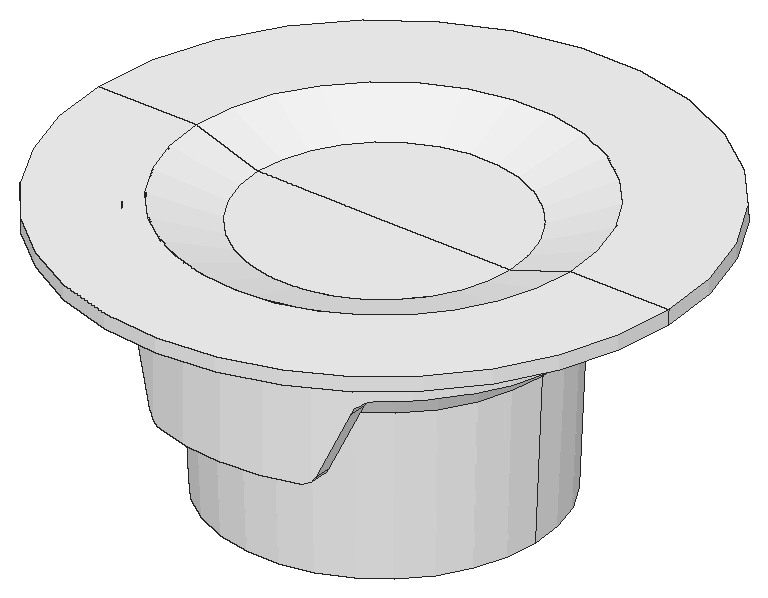
Revit family "0053586 Feilo Sylvania Lighting Fixture START SPOT LED DIM 3000K IP65 G2", category Lighting Fixtures, host Face, Revit 2017
Family settings
  Host = Face
  Round Connector Dimension = Use Diameter
  Part Type = Normal
  OmniClass Number = 23.80.70.00
  OmniClass Title = Lighting
  Cut with Voids When Loaded = No
  Light Source = Yes
  Shared = No
  Room Calculation Point = No
Parameters (values of type "0053586 START SPOT LED DIM 3000K IP65 G2")
  Weight = "3.648 kg"
  Wattage Comments = ""
  Wattage = 7 W
  WarrantyStartDate [instance] = "n/a"
  WarrantyGuarantorParts = "n/a"
  WarrantyDurationUnit = "n/a"
  WarrantyDurationParts = "n/a"
  WarrantyDescription = "n/a"
  built-in parameter 1150110 = 1 (stored number, unit not read)
  Voltage = 230 V
  VisibilityTop_FEILO = no
  URL = "http://www.sylvania-lighting.com"
  TypeName = "START SPOT LED DIM 3000K IP65 G2"
  Type Image = <None>
  Type Comments = "n/a"
  built-in parameter 1114217 = 1 (stored number, unit not read)
  Tilt Angle = -90.00°
  built-in parameter 1150109 = 1 (stored number, unit not read)
  built-in parameter 1150134 = (empty or 0)
  built-in parameter 1150113 = 1 (stored number, unit not read)
  SerialNumber [instance] = "n/a"
  RadiusOptics_FEILO = 98.5 mm
  RadiusDiffuser_FEILO = 19 mm
  RadiusCutout_FEILO = 36 mm
  Photometric Web File = "0053586.ies"
  Material_3_FEILO = none
  PowerFactor = 0
  PowerConsumption = "7 W"
  NominalLength = 41 mm
  NominalHeight = 41 mm
  NominalDepth = 86 mm
  Name = "START SPOT LED DIM 3000K IP65 G2"
  ModelReference = Name  # "START SPOT LED DIM 3000K IP65 G2"
  ModelNumber = "0053586"
  Model = Name  # "START SPOT LED DIM 3000K IP65 G2"
  Material = "n/a"
  ManufacturerName = "Feilo Sylvania"
  Manufacturer = "Feilo Sylvania"
  LuminousEfficacy = "77.14 lm/W"
  built-in parameter 1150105 = 42.972 (stored number, unit not read)
  Lumens = 540 lm
  LuminaireType = ""
  built-in parameter 1150115 = 1 (stored number, unit not read)
  LightOutputRatio = "n/a"
  built-in parameter 1150137 = (empty or 0)
  built-in parameter 1150139 = (empty or 0)
  LampsType = Lamp  # "LED"
  LampNominalLuminous = "540 lm"
  LampMacAdamStep = "n/a"
  LampColourTemperature = "3000 K"
  LampColourRenderingIndex = "80"
  built-in parameter 1150112 = 1 (stored number, unit not read)
  built-in parameter 1150114 = 1 (stored number, unit not read)
  Lamp = "LED"
  Keynote = "16500"
  InstallationDate [instance] = "n/a"
  InputVoltage = "220-240V~"
  InputNominalFrequency = "50/60 Hz"
  built-in parameter 1150132 = (empty or 0)
  built-in parameter 1150102 = (empty or 0)
  built-in parameter 1150107 = 3000 (stored number, unit not read)
  built-in parameter 1150138 = (empty or 0)
  IngressProtection = "IP65"
  ImpactProtectionIndex = "IK03"
  built-in parameter 1150106 = 0.42972 (stored number, unit not read)
  IfcExportType = "IfcLightFixtureType"
  IfcExportAs = "IfcLightFixtureType"
  HeightBezel_FEILO = 2 mm
  ExpectedLife = 50000
  Emit from Circle Diameter = 38 mm
  Emit Shape Visible in Rendering = no
  ElectricShockClassification = "Class II"
  built-in parameter 1150104 = 7.1668 (stored number, unit not read)
  DurationUnit = "hours"
  DocumentationLiterature = "http://www.sylvania-lighting.com/product/en-int/products/0053586"
  DimmingControlOptions = "n/a"
  Material_2_FEILO = LED-Sylvania-StartSpot
  Dimming Lamp Color Temperature Shift = <None>
  DiameterBezel_FEILO = 86 mm
  Description = "Integrated dimmable LED IP65 fixed downlight, RAL9016, 540LM, 7W, 3000K, 100 degree beam angle, polycarbonate white body, low profile 41mm recessed depth, 86mm bezel diameter, 65-74mm cutout, frosted lens."
  DepthDiffuser_FEILO = 3 mm
  Default Elevation = 1219.2 mm
  CreatedOn = "2/14/2018"
  CreatedBy = ""
  Cost = 0
  Color Filter = 16777215
  built-in parameter 1114216 [instance] = (empty or 0)
  ClassificationValue = "EF_70_80"
  ClassificationName = "Uniclass2015"
  Material_1_FEILO = Body-Sylvania-StartSpot-White
  BarCode [instance] = "n/a"
  built-in parameter 1114218 = 1 (stored number, unit not read)
  built-in parameter 1150133 = 10 (stored number, unit not read)
  AssetType = "Fixed"
  AssetIdentifier [instance] = "n/a"
  Assembly Code = "D5020200"
  Apparent Load = 7 VA
  Material_4_FEILO = none
Reference planes
  plane 1 "Center (Front/Back)": y = 0
  plane 2: z = 0
  plane 3 "Center (Left/Right)": x = 0
  plane 4: x = -43
  plane 5: x = 43
  plane 6: z = 2
  plane 7: z = -8
  plane 8: z = -10
  plane 9: z = -13.5
  plane 10: z = -36.5
  plane 11: z = -55
  plane 12: z = -67.625
  plane 13: x = -19
  plane 14: x = -21.5
  plane 15: x = -24
  plane 16: x = -26
  plane 17: x = -31
  plane 18: x = -17
  plane 19: z = -20
  plane 20: z = -1
  plane 21: x = -19
  plane 22: x = -29
  plane 23: x = -23
  plane 24: x = -27.2
  plane 25: x = -26
  plane 26: z = 1
  plane 27: z = 0
  plane 28: x = -12
  plane 29: y = 43
  plane 30: y = 43
  plane 31: y = -43
  plane 32: x = 31
  plane 33: x = 12
  plane 34: x = 17
  plane 35: z = -7
  plane 36: x = -36
  plane 37: x = -28.2
  plane 38: z = -57
Forms (mm)
  Revolve 1, solid, material "Body-Sylvania-StartSpot-White" <- "Material_1_FEILO"
    sketch origin (0, 0, 0) x (1, 0, 0) y (0, 0, 1)
      loop
        line (-28.2, 2) -> (-43, 2) -> (-43, 0) -> (-31, 0) -> (-31, -20) -> (-29, -20) -> (-29, -7) -> (0, -7) -> (0, -1) -> (-19, -1) -> (-28.2, 2)
      axis (0, 2) -> (0, -20)
    angle from 360 to 0
  Extrusion 2, void
    sketch origin (0, 0, 0) x (1, 0, 0) y (0, 0, 1)
      loop
        line (-31, -8) -> (-31, -20) -> (-10.333, -20)
        arc (-10.333, -20) -> (-11.72, -19.58) -> (-12.641, -18.462) r 2.5
        line (-12.641, -18.462) -> (-16.231, -9.846)
        arc (-16.231, -9.846) -> (-17.336, -8.504) -> (-19, -8) r 3
        line (-19, -8) -> (-31, -8)
      loop
        line (31, -8) -> (19, -8)
        arc (19, -8) -> (17.336, -8.504) -> (16.231, -9.846) r 3
        line (16.231, -9.846) -> (12.513, -18.769)
        arc (12.513, -18.769) -> (11.776, -19.664) -> (10.667, -20) r 2
        line (10.667, -20) -> (31, -20) -> (31, -8)
    from -43 to 43
  Revolve 3, void
    sketch origin (0, 0, 0) x (1, 0, 0) y (0, 0, 1)
      loop
        line (-36, 0) -> (-36, -67.625) -> (0, -67.625) -> (0, 0) -> (-36, 0)
      axis (0, 0) -> (0, -67.625)
    angle from 360 to 0
  Revolve 4, solid, material "Body-Sylvania-StartSpot-White" <- "Material_1_FEILO"
    sketch origin (0, 0, 0) x (1, 0, 0) y (0, 0, 1)
      loop
        line (-26, -7) -> (-26, -10) -> (-24, -13.5) -> (-23, -36.5) -> (0, -36.5) -> (0, -7) -> (-26, -7)
      axis (0, -7) -> (0, -36.5)
    angle from 360 to 0
  Revolve 5, solid, material "Body-Sylvania-StartSpot-White" <- "Material_1_FEILO", visible <- "VisibilityTop_FEILO"
    sketch origin (0, 0, 0) x (1, 0, 0) y (0, 0, 1)
      loop
        line (-23, -36.5) -> (-21.5, -55)
        arc (-21.5, -55) -> (-20.601, -56.438) -> (-19, -57) r 2.562
        line (-19, -57) -> (0, -57) -> (0, -36.5) -> (-23, -36.5)
      axis (0, -36.5) -> (0, -57)
    angle from 360 to 0
Cuts and joins
  Extrusion 2 cuts Revolve 1
Lines and regions (mm)
  reference lines
    curve 1: line (-17, 0, -8) -> (-12, 0, -20)
    curve 2: line (17, 0, -8) -> (12, 0, -20)
Dimensions and locks
  equal spacing: plane 5, plane 3 "Center (Left/Right)", plane 4
  "DiameterBezel_FEILO": plane 5 to plane 4
  "HeightBezel_FEILO": plane 6 to plane 2
  plane 3 "Center (Left/Right)" to plane 13 to plane 14 to plane 15 to plane 16 to plane 17 to plane 4 = 19 mm, 2.5 mm, 2.5 mm, 2 mm, 5 mm, 12 mm
  plane 2 to plane 7 to plane 8 to plane 9 to plane 19 to plane 10 to plane 11 to plane 12 = 8 mm locked, 2 mm locked, 3.5 mm locked, 6.5 mm locked, 16.5 mm locked, 18.5 mm locked, 12.625 mm locked
  "DepthDiffuser_FEILO": plane 6 to plane 20
  "RadiusDiffuser_FEILO": plane 3 "Center (Left/Right)" to plane 21
  locked: plane 22 to plane 17 at 2
  locked: plane 23 to plane 15 at 1
  locked: plane 25 to plane 24 at 1.2
  locked: plane 6 to plane 26 at 1
  locked: plane 27 to plane 20 at 1
  locked: plane 3 "Center (Left/Right)" to plane 28 at 12
  equal spacing: plane 31, plane 1 "Center (Front/Back)", plane 30
  "DiameterBezel_FEILO": plane 31 to plane 30
  locked: plane 32 to plane 3 "Center (Left/Right)" at 31
  locked: plane 33 to plane 3 "Center (Left/Right)" at 12
  locked: plane 34 to plane 3 "Center (Left/Right)" at 17
  locked: plane 6 to plane 35 at 9
  "RadiusCutout_FEILO": plane 3 "Center (Left/Right)" to plane 36
  locked: plane 24 to plane 37 at 1
  locked: plane 11 to plane 38 at 2
  locked: plane 3 "Center (Left/Right)" to Revolve 5 sketch curve at 19
  locked: Revolve 5 sketch curve to plane 38 at 2.563
  aligned and locked: plane 2 to host face
  aligned and locked: level to host face
  aligned and locked: Revolve 1 sketch curve to plane 3 "Center (Left/Right)"
  aligned and locked: Revolve 1 sketch curve to plane 17
  aligned and locked: plane 7 to curve 1
  aligned and locked: plane 18 to curve 1
  aligned and locked: plane 28 to curve 1
  aligned and locked: plane 19 to curve 1
  aligned and locked: plane 7 to Extrusion 2 sketch curve  (x2)
  aligned and locked: curve 1 to Extrusion 2 sketch curve
  aligned and locked: Extrusion 2 sketch curve to Revolve 1
  aligned and locked: plane 7 to curve 2
  aligned and locked: plane 19 to curve 2
  aligned and locked: Extrusion 2 sketch curve to plane 32
  aligned and locked: Extrusion 2 sketch curve to curve 2
  aligned and locked: plane 19 to Extrusion 2 sketch curve
  aligned and locked: Extrusion 2 sketch curve to plane 19
  aligned and locked: Revolve 3 sketch curve to level
  aligned and locked: Revolve 3 sketch curve to plane 3 "Center (Left/Right)"  (x2)
  aligned and locked: plane 36 to Revolve 3 sketch curve
  aligned and locked: plane 25 to plane 16
  aligned and locked: Revolve 1 sketch curve to plane 6
  aligned and locked: Revolve 1 sketch curve to plane 22
  aligned and locked: Revolve 3 sketch curve to plane 12
  aligned and locked: Revolve 1 sketch curve to plane 20
  aligned and locked: plane 37 to Revolve 1 sketch curve
  aligned and locked: Revolve 4 sketch curve to plane 3 "Center (Left/Right)"
  aligned and locked: Revolve 4 sketch curve to plane 16
  aligned and locked: plane 35 to Revolve 4 sketch curve
  aligned and locked: plane 15 to Revolve 4 sketch curve
  aligned and locked: plane 23 to Revolve 4 sketch curve
  aligned and locked: plane 10 to Revolve 4 sketch curve
  aligned and locked: plane 3 "Center (Left/Right)" to Revolve 4 sketch curve
  aligned and locked: Revolve 5 sketch curve to plane 3 "Center (Left/Right)"
  aligned and locked: plane 11 to Revolve 5 sketch curve
  aligned and locked: Revolve 5 sketch curve to Revolve 4  (x2)
  aligned and locked: plane 3 "Center (Left/Right)" to Revolve 5 sketch curve
  aligned and locked: Revolve 5 sketch curve to plane 38
  aligned and locked: imposter light to plane 20
  aligned and locked: plane 3 "Center (Left/Right)" to imposter light
  aligned and locked: imposter light to plane 1 "Center (Front/Back)"
Automatic sketch dimensions
  host sketch curve to host sketch curve = 2438.4 mm  (x2)
  curve 2 to plane 33 = 0 mm
  curve 2 to plane 34 = 0 mm
  Extrusion 2 sketch curve to plane 13 = 0 mm
  Extrusion 2 sketch curve to plane 8 = 0.154 mm  (x2)
  Extrusion 2 sketch curve to plane 28 = 0.641 mm
  plane 28 to Extrusion 2 sketch curve = 1.667 mm
  Extrusion 2 sketch curve to plane 33 = 1.333 mm
  plane 33 to Extrusion 2 sketch curve = 0.513 mm
  plane 34 to Extrusion 2 sketch curve = 2 mm
  plane 12 to Revolve 3 sketch curve = 551.6 mm
  Revolve 3 sketch curve to plane 6 = 2607.058 mm
  Revolve 1 sketch curve to plane 4 = 0 mm
  Revolve 1 sketch curve to plane 21 = 0 mm
  Revolve 1 sketch curve to plane 3 "Center (Left/Right)" = 0 mm
  Revolve 1 sketch curve to plane 19 = 0 mm
  Revolve 1 sketch curve to plane 35 = 0 mm
  Revolve 1 sketch curve to level = 0 mm
  plane 12 to Revolve 1 sketch curve = 551.6 mm
  Revolve 1 sketch curve to plane 6 = 2606.058 mm
  Revolve 4 sketch curve to plane 9 = 0 mm
  Revolve 4 sketch curve to plane 8 = 0 mm
  plane 12 to Revolve 4 sketch curve = 541.975 mm
  Revolve 4 sketch curve to plane 6 = 2607.058 mm
  plane 12 to Revolve 5 sketch curve = 541.975 mm
  Revolve 5 sketch curve to plane 6 = 2607.058 mm
Connectors
  electrical at (0, 0, 0), driven by "Apparent Load", driven by "PowerFactor", driven by "Voltage"
    settings: index 1, voltage 230 V, apparent load 7 VA, apparent load phase1 0 VA, apparent load phase2 0 VA, apparent load phase3 0 VA, power factor 0, load classification "Lighting", number of poles 1, system type 30, power factor state 1, is connector primary yes, connector utility no, sub classification motor no, connector description ""
